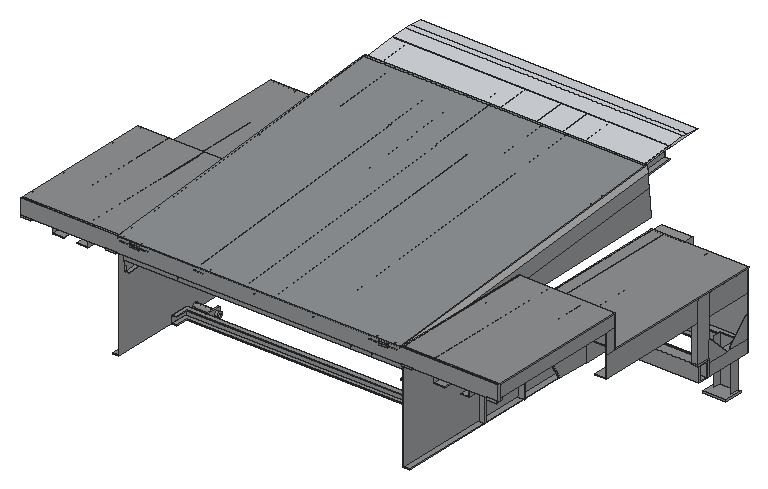
Revit family "ASSA_ABLOY_DockLeveler_DL6120STA", category Mechanical Equipment, Revit 2019 (continued)
Dimensions and locks
  plane 82 "FrontLevelerHeight" to plane 85 = 6 mm
  plane 82 "FrontLevelerHeight" to plane 86 = 6 mm
  plane 82 "FrontLevelerHeight" to Sweep 15 sketch curve = 6 mm  (x2)
  plane 82 "FrontLevelerHeight" to Sweep 12 sketch curve = 6 mm  (x2)
  plane 82 "FrontLevelerHeight" to plane 87 = 176 mm
  locked: plane 88 "1300" to plane 1 "Front" at 1300
  plane 82 "FrontLevelerHeight" to Sweep 7 = 6 mm
  plane 82 "FrontLevelerHeight" to Sweep 51 sketch curve = 6 mm  (x2)
  plane 1 "Front" to plane 94 = 6 mm
  Sweep 52 sketch curve to Sweep 52 sketch curve = 170 mm  (x2)
  Sweep 52 sketch curve to Sweep 52 sketch curve = 90 mm  (x2)
  Sweep 52 sketch curve to Sweep 52 sketch curve = 3 mm  (x4)
  plane 1 "Front" to Sweep 52 sketch curve = 489 mm
  plane 82 "FrontLevelerHeight" to Sweep 52 sketch curve = 6 mm
  "BSix": plane 98 to plane 99
  "BSix": plane 100 to plane 101
  Sweep 53 sketch curve to plane 1 "Front" = 6 mm
  plane 82 "FrontLevelerHeight" to Sweep 53 sketch curve = 6 mm
  Sweep 54 sketch curve to Sweep 54 sketch curve = 170 mm  (x2)
  Sweep 54 sketch curve to Sweep 54 sketch curve = 90 mm  (x2)
  Sweep 54 sketch curve to Sweep 54 sketch curve = 3 mm  (x4)
  plane 1 "Front" to Sweep 54 sketch curve = 6 mm
  plane 82 "FrontLevelerHeight" to Sweep 54 sketch curve = 6 mm
  Sweep 55 sketch curve to Sweep 55 sketch curve = 1 mm  (x2)
  Sweep 55 sketch curve to Sweep 55 sketch curve = 50 mm  (x2)
  Sweep 56 sketch curve to Sweep 56 sketch curve = 4 mm  (x4)
  Sweep 56 sketch curve to Sweep 56 sketch curve = 50 mm  (x3)
  Sweep 56 sketch curve to plane 1 "Front" = 489 mm
  plane 82 "FrontLevelerHeight" to Sweep 56 sketch curve = 6 mm  (x2)
  "BFive": plane 5 to plane 105
  "BSix": plane 105 to plane 106
  Sweep 57 sketch curve to Sweep 57 sketch curve = 6 mm
  plane 21 "DoorHeight" to Sweep 57 sketch curve = 6 mm
  plane 88 "1300" to Sweep 57 sketch curve = 56 mm
  Sweep 57 sketch curve to Sweep 57 sketch curve = 50 mm
  Sweep 57 sketch curve to plane 21 "DoorHeight" = 6 mm
  plane 88 "1300" to Sweep 57 sketch curve = 256 mm
  plane 21 "DoorHeight" to Sweep 57 sketch curve = 176 mm
  Sweep 57 sketch curve to Sweep 57 sketch curve = 420 mm
  Sweep 58 sketch curve to Sweep 58 sketch curve = 6 mm
  Sweep 58 sketch curve to Sweep 58 sketch curve = 50 mm
  Sweep 58 sketch curve to Sweep 58 sketch curve = 420 mm
  "BFive": plane 5 to plane 107
  plane 88 "1300" to Sweep 58 sketch curve = 256 mm
  Sweep 58 sketch curve to Sweep 58 sketch curve = 170 mm
  Sweep 58 sketch curve to plane 21 "DoorHeight" = 6 mm
  "BSix": plane 108 to plane 109
  Sweep 59 sketch curve to Sweep 59 sketch curve = 6 mm
  Sweep 59 sketch curve to Sweep 59 sketch curve = 50 mm
  Sweep 59 sketch curve to Sweep 59 sketch curve = 420 mm
  Sweep 60 sketch curve to Sweep 60 sketch curve = 6 mm
  Sweep 60 sketch curve to Sweep 60 sketch curve = 50 mm
  Sweep 60 sketch curve to Sweep 60 sketch curve = 420 mm
  Sweep 60 sketch curve to Sweep 60 sketch curve = 170 mm
  "BFive": plane 4 to plane 110
  plane 21 "DoorHeight" to Sweep 60 sketch curve = 6 mm  (x2)
  plane 88 "1300" to Sweep 60 sketch curve = 256 mm
  "BFive": plane 108 to plane 4
  plane 21 "DoorHeight" to Sweep 59 sketch curve = 6 mm
  plane 88 "1300" to Sweep 59 sketch curve = 256 mm
  Sweep 59 sketch curve to Sweep 59 sketch curve = 170 mm
  Sweep 59 sketch curve to plane 21 "DoorHeight" = 6 mm
  plane 88 "1300" to Sweep 57 sketch curve = 6 mm
  plane 88 "1300" to Sweep 58 sketch curve = 6 mm
  plane 88 "1300" to Sweep 60 sketch curve = 6 mm
  plane 88 "1300" to Sweep 59 sketch curve = 6 mm
  Sweep 61 sketch curve to Sweep 61 sketch curve = 6 mm
  Sweep 61 sketch curve to Sweep 61 sketch curve = 244 mm  (x2)
  Sweep 61 sketch curve to plane 6 "Right" = 10 mm
  Sweep 61 sketch curve to plane 7 "Left" = 10 mm
  plane 88 "1300" to plane 111 = 6 mm
  plane 88 "1300" to plane 112 = 6 mm
  plane 91 to plane 6 "Right" = 10 mm
  plane 89 to plane 7 "Left" = 10 mm
  plane 113 to plane 4 = 6 mm
  Sweep 62 sketch curve to Sweep 62 sketch curve to plane 5 = 1 mm, 9 mm
  Sweep 62 sketch curve to Sweep 62 sketch curve = 50 mm
  Sweep 63 sketch curve to Sweep 63 sketch curve = 1 mm
  Sweep 63 sketch curve to Sweep 63 sketch curve = 50 mm
  plane 4 to Sweep 63 sketch curve = 9 mm
  Sweep 64 sketch curve to Sweep 64 sketch curve = 170 mm  (x2)
  Sweep 64 sketch curve to Sweep 64 sketch curve = 90 mm  (x2)
  Sweep 64 sketch curve to Sweep 64 sketch curve = 3 mm  (x4)
  Sweep 64 sketch curve to Sweep 64 sketch curve = 897 mm
  plane 1 "Front" to plane 114 = 489 mm
  plane 82 "FrontLevelerHeight" to Sweep 64 sketch curve = 6 mm  (x2)
  plane 6 "Right" to Sweep 65 sketch curve = 10 mm
  Sweep 65 sketch curve to Sweep 65 sketch curve = 6 mm
  plane 82 "FrontLevelerHeight" to Sweep 65 sketch curve = 6 mm
  Sweep 65 sketch curve to Sweep 65 sketch curve = 156 mm
  plane 88 "1300" to Sweep 65 sketch curve to Sweep 65 sketch curve = 6 mm, 80 mm
  Sweep 66 sketch curve to Sweep 66 sketch curve = 6 mm
  Sweep 66 sketch curve to Sweep 66 sketch curve = 156 mm
  Sweep 66 sketch curve to Sweep 66 sketch curve = 80 mm
  Sweep 66 sketch curve to plane 7 "Left" = 10 mm
  plane 88 "1300" to Sweep 66 sketch curve = 6 mm
  plane 82 "FrontLevelerHeight" to Sweep 66 sketch curve = 6 mm
  plane 88 "1300" to Sweep 66 sketch curve = 86 mm
  Sweep 67 sketch curve to plane 8 "Back" = 20 mm
  Sweep 67 sketch curve to Sweep 67 sketch curve = 6 mm
  plane 5 to plane 116 = 10 mm
  plane 115 to plane 7 "Left" = 16 mm
  plane 23 to Sweep 67 sketch curve = 20 mm  (x4)
  Sweep 67 sketch curve to plane 115 = 20 mm
  Sweep 67 sketch curve to plane 116 = 20 mm
  Sweep 67 sketch curve to plane 117 = 20 mm
  Sweep 67 sketch curve to plane 118 = 20 mm
  plane 118 to plane 4 = 10 mm
  plane 6 "Right" to plane 117 = 16 mm
  plane 21 "DoorHeight" to Sweep 67 sketch curve = 6 mm
  Sweep 68 sketch curve to plane 6 "Right" = 20 mm
  Sweep 68 sketch curve to plane 8 "Back" = 10 mm
  plane 88 "1300" to Sweep 68 sketch curve = 6 mm
  Sweep 68 sketch curve to plane 7 "Left" = 10 mm
  Sweep 68 sketch curve to Sweep 68 sketch curve = 6 mm  (x2)
  plane 6 "Right" to Sweep 68 sketch curve = 10 mm
  plane 23 to Sweep 68 sketch curve = 94 mm  (x2)
  plane 60 to plane 58 = 386 mm
  plane 62 to plane 61 = 386 mm
  locked: plane 119 to plane 8 "Back" at 20
  Sweep 64 sketch curve to plane 7 "Left" = 10 mm
  plane 6 "Right" to Sweep 64 sketch curve = 10 mm
  plane 5 to plane 90 = 10 mm
  plane 4 to plane 92 = 10 mm
  plane 4 to Sweep 55 sketch curve = 9 mm
  Sweep 55 sketch curve to plane 5 = 9 mm
  Sweep 3 sketch curve to plane 4 = 10 mm
  plane 5 to Sweep 56 sketch curve = 10 mm
  Sweep 56 sketch curve to plane 4 = 10 mm
  diameter of Sweep 23 sketch curve = 34.5 mm
  diameter of Sweep 23 sketch curve = 44.5 mm
  diameter of Sweep 22 sketch curve = 34.5 mm
  diameter of Sweep 22 sketch curve = 44.5 mm
  radius of Sweep 29 sketch curve = 21 mm  (x2)
  diameter of Sweep 30 sketch curve = 42 mm  (x2)
  diameter of Sweep 31 sketch curve = 42 mm  (x2)
  radius of Sweep 32 sketch curve = 13 mm
  radius of Sweep 32 sketch curve = 21 mm
  radius of Sweep 33 sketch curve = 13 mm
  radius of Sweep 33 sketch curve = 21 mm
  radius of Sweep 34 sketch curve = 13 mm
  radius of Sweep 34 sketch curve = 21 mm
  radius of Sweep 35 sketch curve = 13 mm
  radius of Sweep 35 sketch curve = 21 mm
  radius of Extrusion 45 sketch curve = 31 mm  (x2)
  radius of Extrusion 46 sketch curve = 31 mm  (x2)
  "InstallationAngleLeft": angle plane 7 "Left" to curve 1
  aligned and locked: level to plane 2 "Ground"
  aligned and locked: plane 9 to curve 1
  aligned and locked: plane 7 "Left" to curve 1
  aligned and locked: Sweep 2 sketch curve to plane 11
  aligned and locked: plane 10 to Sweep 2 sketch curve
  aligned and locked: plane 12 to Sweep 2 sketch curve
  aligned and locked: Sweep 2 sketch curve to plane 13
  aligned and locked: plane 14 to Sweep 4 sketch curve
  aligned and locked: Sweep 4 sketch curve to plane 15  (x2)
  aligned and locked: plane 15 to Sweep 4 sketch curve  (x2)
  aligned and locked: Sweep 4 sketch curve to plane 16  (x2)
  aligned and locked: plane 19 to Sweep 4 sketch curve
  aligned and locked: plane 20 to Sweep 4 sketch curve
  aligned and locked: plane 18 to Sweep 4 sketch curve
  aligned and locked: plane 17 to Sweep 4 sketch curve
  aligned and locked: plane 22 "LevelerHeight" to Sweep 3 sketch curve
  aligned and locked: Sweep 3 sketch curve to plane 22 "LevelerHeight"
  aligned and locked: plane 23 to Sweep 2 sketch curve  (x2)
  aligned and locked: Sweep 2 sketch curve to plane 21 "DoorHeight"  (x2)
  aligned and locked: Extrusion 1 to plane 21 "DoorHeight"
  aligned and locked: Extrusion 1 to plane 23
  aligned and locked: Sweep 5 sketch curve to plane 22 "LevelerHeight"
  aligned and locked: plane 22 "LevelerHeight" to Sweep 5 sketch curve
  aligned and locked: Sweep 6 sketch curve to Sweep 4  (x13)
  aligned and locked: Sweep 6 sketch curve to Sweep 3  (x2)
  aligned and locked: plane 22 "LevelerHeight" to Sweep 7 sketch curve
  aligned and locked: Sweep 7 sketch curve to Sweep 2  (x2)
  aligned and locked: Sweep 2 to Sweep 7 sketch curve  (x2)
  aligned and locked: Sweep 8 sketch curve to plane 22 "LevelerHeight"  (x3)
  aligned and locked: plane 22 "LevelerHeight" to Sweep 8 sketch curve  (x2)
  aligned and locked: Sweep 9 sketch curve to plane 22 "LevelerHeight"
  aligned and locked: plane 22 "LevelerHeight" to Sweep 10 sketch curve
  aligned and locked: Sweep 10 sketch curve to Sweep 8
  aligned and locked: Extrusion 1 sketch curve to plane 6 "Right"
  aligned and locked: curve 1 to Extrusion 1 sketch curve
  aligned and locked: Sweep 12 sketch curve to plane 23
  aligned and locked: plane 22 "LevelerHeight" to Sweep 14 sketch curve
  aligned and locked: Sweep 14 sketch curve to plane 22 "LevelerHeight"
  aligned and locked: Sweep 15 sketch curve to plane 23
  aligned and locked: Sweep 16 sketch curve to plane 23  (x2)
  aligned and locked: plane 23 to Sweep 16 sketch curve
  aligned and locked: plane 25 to Sweep 17 sketch curve
  aligned and locked: Sweep 17 sketch curve to plane 26  (x2)
  aligned and locked: plane 2 "Ground" to Sweep 18 sketch curve
  aligned and locked: plane 23 to Sweep 3 sketch curve
  aligned and locked: Sweep 3 sketch curve to plane 23
  aligned and locked: Sweep 19 sketch curve to plane 22 "LevelerHeight"
  aligned and locked: Sweep 19 to Sweep 20 sketch curve
  aligned and locked: Sweep 20 sketch curve to plane 22 "LevelerHeight"
  aligned and locked: cut or joined group of Sweep 19, Sweep 20 to Sweep 21 sketch curve
  aligned and locked: Sweep 21 sketch curve to plane 22 "LevelerHeight"
  aligned and locked: plane 22 "LevelerHeight" to Sweep 21 sketch curve
  aligned and locked: Sweep 2 sketch curve to plane 34
  aligned and locked: plane 35 to Sweep 3 sketch curve
  aligned and locked: plane 36 to Sweep 16 sketch curve
  aligned and locked: Sweep 7 sketch curve to plane 1 "Front"  (x3)
  aligned and locked: plane 21 "DoorHeight" to Sweep 26 sketch curve
  aligned and locked: Sweep 26 sketch curve to plane 21 "DoorHeight"
  aligned and locked: Sweep 27 sketch curve to plane 8 "Back"
  aligned and locked: plane 21 "DoorHeight" to Sweep 27 sketch curve
  aligned and locked: Sweep 28 sketch curve to plane 8 "Back"  (x2)
  aligned and locked: Sweep 28 sketch curve to plane 40
  aligned and locked: plane 41 to Sweep 28 sketch curve
  aligned and locked: plane 42 to Sweep 28 sketch curve
  aligned and locked: Sweep 28 sketch curve to plane 43
  aligned and locked: plane 8 "Back" to Sweep 28 sketch curve  (x2)
  aligned and locked: Sweep 28 sketch curve to Sweep 28 sketch curve
  aligned and locked: plane 45 to Sweep 28 sketch curve
  aligned and locked: Sweep 28 sketch curve to plane 44
  aligned and locked: plane 52 to Sweep 33 sketch curve
  aligned and locked: plane 50 to Sweep 32 sketch curve
  aligned and locked: Sweep 36 sketch curve to Sweep 27
  aligned and locked: Sweep 27 to Sweep 37 sketch curve
  aligned and locked: Sweep 40 sketch curve to Sweep 7  (x2)
  aligned and locked: Sweep 40 sketch curve to Sweep 16
  aligned and locked: Sweep 16 to Sweep 40 sketch curve
  aligned and locked: Sweep 41 to Sweep 42 sketch curve  (x3)
  aligned and locked: Sweep 5 to Sweep 41 sketch curve
  aligned and locked: Sweep 42 sketch curve to Sweep 41  (x2)
  aligned and locked: plane 1 "Front" to SweptBlend 43 sketch curve
  aligned and locked: plane 1 "Front" to SweptBlend 44 sketch curve
  aligned and locked: plane 72 to Sweep 17 sketch curve
  aligned and locked: Sweep 17 sketch curve to plane 73
  aligned and locked: plane 74 to Sweep 16 sketch curve
  aligned and locked: Sweep 47 sketch curve to plane 23
  aligned and locked: plane 78 to Sweep 47 sketch curve
  aligned and locked: Sweep 47 sketch curve to plane 79
  aligned and locked: plane 23 to Sweep 48 sketch curve
  aligned and locked: plane 2 "Ground" to Sweep 49 sketch curve
  aligned and locked: plane 23 to Sweep 50 sketch curve
  aligned and locked: SweptBlend 44 sketch curve to plane 82 "FrontLevelerHeight"
  aligned and locked: plane 82 "FrontLevelerHeight" to SweptBlend 43 sketch curve
  aligned and locked: Sweep 7 sketch curve to plane 83
  aligned and locked: Sweep 40 sketch curve to plane 84
  aligned and locked: Sweep 11 sketch curve to plane 85
  aligned and locked: Sweep 4 sketch curve to plane 86
  aligned and locked: Sweep 13 sketch curve to plane 87
  aligned and locked: plane 87 to Sweep 13 sketch curve
  aligned and locked: Sweep 51 sketch curve to plane 90
  aligned and locked: plane 89 to Sweep 51 sketch curve
  aligned and locked: plane 91 to Sweep 51 sketch curve
  aligned and locked: Sweep 51 sketch curve to plane 92
  aligned and locked: plane 88 "1300" to Sweep 51 sketch curve
  aligned and locked: plane 1 "Front" to Sweep 51 sketch curve
  aligned and locked: Sweep 51 sketch curve to plane 82 "FrontLevelerHeight"
  aligned and locked: plane 88 "1300" to Sweep 2 sketch curve
  aligned and locked: Sweep 7 sketch curve to plane 94  (x2)
  aligned and locked: plane 88 "1300" to Sweep 52 sketch curve
  aligned and locked: Sweep 53 sketch curve to plane 99
  aligned and locked: Sweep 53 sketch curve to plane 100
  aligned and locked: plane 88 "1300" to Sweep 53 sketch curve
  aligned and locked: plane 104 to Sweep 54 sketch curve
  aligned and locked: plane 88 "1300" to Sweep 54 sketch curve
  aligned and locked: plane 88 "1300" to Sweep 55 sketch curve
  aligned and locked: plane 1 "Front" to Sweep 55 sketch curve
  aligned and locked: Sweep 55 sketch curve to plane 82 "FrontLevelerHeight"
  aligned and locked: plane 82 "FrontLevelerHeight" to Sweep 55 sketch curve
  aligned and locked: plane 88 "1300" to Sweep 56 sketch curve
  aligned and locked: plane 88 "1300" to Sweep 3 sketch curve
  aligned and locked: Sweep 4 to Sweep 6 sketch curve
  aligned and locked: plane 106 to Sweep 57 sketch curve
  aligned and locked: plane 107 to Sweep 58 sketch curve
  aligned and locked: Sweep 59 sketch curve to plane 109
  aligned and locked: Sweep 60 sketch curve to plane 110
  aligned and locked: plane 88 "1300" to Sweep 61 sketch curve
  aligned and locked: plane 23 to Sweep 61 sketch curve
  aligned and locked: Sweep 61 sketch curve to plane 23
  aligned and locked: Sweep 47 sketch curve to plane 111
  aligned and locked: Sweep 16 sketch curve to plane 112
  aligned and locked: Sweep 61 sketch curve to Sweep 3
  aligned and locked: Sweep 3 to Sweep 61 sketch curve
  aligned and locked: Sweep 62 sketch curve to Sweep 26  (x2)
  aligned and locked: Sweep 55 to Sweep 62 sketch curve
  aligned and locked: Sweep 55 to Sweep 63 sketch curve
  aligned and locked: Sweep 63 sketch curve to Sweep 26  (x2)
  aligned and locked: Sweep 67 sketch curve to plane 23
  aligned and locked: plane 23 to Sweep 68 sketch curve
  aligned and locked: Sweep 68 sketch curve to plane 23
  aligned and locked: plane 119 to Sweep 47 sketch curve
  aligned and locked: plane 119 to Sweep 26 sketch curve
  aligned and locked: plane 9 to Extrusion 1 sketch curve
  aligned and locked: plane 22 "LevelerHeight" to Sweep 56 sketch curve
  aligned and locked: Sweep 56 sketch curve to plane 22 "LevelerHeight"
  aligned and locked: plane 3 "Center (Left/Right)" to nested 1
  aligned and locked: curve 1 to Sweep 48 sketch curve
Automatic sketch dimensions
  Sweep 7 sketch curve to plane 3 "Center (Left/Right)" = 0 mm
  Sweep 2 sketch curve to plane 5 = 0 mm
  Sweep 3 sketch curve to plane 3 "Center (Left/Right)" = 0 mm
  Sweep 3 sketch curve to Sweep 3 sketch curve = 46 mm
  Sweep 4 sketch curve to plane 3 "Center (Left/Right)" = 0 mm
  Sweep 4 sketch curve to plane 16 = 0 mm  (x2)
  Sweep 5 sketch curve to profile plane = 5 mm
  Sweep 5 sketch curve to Sweep 5 sketch curve = 5 mm  (x3)
  Sweep 6 sketch curve to plane 71 = 283 mm
  Sweep 8 sketch curve to Sweep 8 sketch curve = 6 mm  (x8)
  profile plane to Sweep 8 sketch curve = 6 mm  (x4)
  profile plane to Sweep 9 sketch curve = 0 mm
  plane 1 "Front" to Sweep 9 sketch curve = 12 mm
  Sweep 10 sketch curve to Sweep 10 sketch curve = 44 mm
  profile plane to Sweep 11 sketch curve = 0 mm  (x2)
  Sweep 11 sketch curve to Sweep 11 sketch curve = 6 mm
  plane 82 "FrontLevelerHeight" to Sweep 13 sketch curve = 74 mm
  Sweep 14 sketch curve to plane 5 = 0 mm
  Sweep 14 sketch curve to Sweep 14 sketch curve = 120 mm  (x2)
  Sweep 17 sketch curve to plane 3 "Center (Left/Right)" = 0 mm
  plane 7 "Left" to Sweep 18 sketch curve = 200 mm
  plane 1 "Front" to Sweep 18 sketch curve = 65 mm  (x2)
  Sweep 20 sketch curve to plane 4 = 115 mm
  Sweep 20 sketch curve to plane 22 "LevelerHeight" = 0 mm
  plane 5 to Sweep 21 sketch curve = 60 mm
  Sweep 22 sketch curve to Sweep 22 sketch curve = 0 mm  (x2)
  Sweep 22 sketch curve to profile plane = 0 mm
  Sweep 22 sketch curve to plane 31 = 0 mm
  Sweep 23 sketch curve to Sweep 23 sketch curve = 0 mm  (x2)
  Sweep 23 sketch curve to profile plane = 0 mm
  Sweep 23 sketch curve to plane 33 = 0 mm
  Sweep 24 sketch curve to plane 71 = 47.5 mm
  plane 71 to Sweep 25 sketch curve = 47.5 mm
  Sweep 29 sketch curve to plane 46 = 0 mm
  Sweep 29 sketch curve to plane 47 = 0 mm
  Sweep 30 sketch curve to profile plane = 0 mm
  Sweep 30 sketch curve to plane 48 = 0 mm
  Sweep 31 sketch curve to profile plane = 0 mm
  Sweep 31 sketch curve to plane 49 = 0 mm
  Sweep 32 sketch curve to Sweep 32 sketch curve = 0 mm  (x2)
  Sweep 32 sketch curve to profile plane = 0 mm
  Sweep 32 sketch curve to plane 51 = 0 mm
  Sweep 33 sketch curve to Sweep 33 sketch curve = 0 mm  (x2)
  Sweep 33 sketch curve to profile plane = 0 mm
  Sweep 33 sketch curve to plane 53 = 0 mm
  Sweep 34 sketch curve to Sweep 34 sketch curve = 0 mm  (x2)
  Sweep 34 sketch curve to profile plane = 0 mm
  Sweep 34 sketch curve to plane 55 = 0 mm
  Sweep 35 sketch curve to Sweep 35 sketch curve = 0 mm  (x2)
  Sweep 35 sketch curve to profile plane = 0 mm
  Sweep 35 sketch curve to plane 57 = 0 mm
  Sweep 38 sketch curve to plane 71 = 572.355 mm
  plane 71 to Sweep 39 sketch curve = 572.355 mm
  plane 7 "Left" to Sweep 40 sketch curve = 210 mm
  Sweep 42 sketch curve to plane 71 = 309 mm
  profile plane to Sweep 42 sketch curve = 30 mm  (x2)
  Sweep 42 sketch curve to profile plane = 10 mm  (x2)
  Sweep 49 sketch curve to plane 6 "Right" = 40 mm
  Sweep 50 sketch curve to plane 6 "Right" = 75 mm
  Sweep 51 sketch curve to plane 5 = 0 mm
  Sweep 51 sketch curve to Sweep 51 sketch curve = 6 mm
  Sweep 52 sketch curve to profile plane = 0 mm  (x2)
  Sweep 52 sketch curve to plane 3 "Center (Left/Right)" = 1640 mm
  plane 3 "Center (Left/Right)" to Sweep 52 sketch curve = 1550 mm
  Sweep 54 sketch curve to profile plane = 0 mm  (x2)
  Sweep 54 sketch curve to plane 103 = 440 mm
  plane 64 to Sweep 55 sketch curve = 4.5 mm
  Sweep 56 sketch curve to plane 3 "Center (Left/Right)" = 0 mm
  Sweep 56 sketch curve to Sweep 56 sketch curve = 46 mm
  plane 88 "1300" to Sweep 62 sketch curve = 64.136 mm
  Sweep 63 sketch curve to plane 88 "1300" = 64.136 mm
  Sweep 65 sketch curve to plane 82 "FrontLevelerHeight" = 0 mm
  Sweep 66 sketch curve to plane 82 "FrontLevelerHeight" = 0 mm
  plane 4 to Sweep 67 sketch curve = 372.342 mm
  profile plane to Sweep 26 sketch curve = 0 mm
  Sweep 40 sketch curve to profile plane = 0 mm
  Sweep 40 sketch curve to Sweep 40 sketch curve = 201.593 mm
  SweptBlend 43 sketch curve to profile plane = 10.5 mm
  SweptBlend 43 sketch curve to SweptBlend 43 sketch curve = 240 mm
  Extrusion 45 sketch curve to plane 65 = 0 mm  (x2)
  Extrusion 45 sketch curve to plane 67 = 0 mm
  Extrusion 45 sketch curve to plane 66 = 0 mm
  plane 68 to Extrusion 46 sketch curve = 0 mm
  Extrusion 46 sketch curve to plane 68 = 0 mm
  Extrusion 46 sketch curve to plane 70 = 0 mm
  Extrusion 46 sketch curve to plane 69 = 0 mm
  Sweep 57 sketch curve to Sweep 57 sketch curve = 350 mm
  Sweep 58 sketch curve to Sweep 58 sketch curve = 50 mm
  Sweep 58 sketch curve to Sweep 58 sketch curve = 350 mm
  Sweep 59 sketch curve to Sweep 59 sketch curve = 50 mm
  Sweep 59 sketch curve to Sweep 59 sketch curve = 350 mm
  Sweep 60 sketch curve to Sweep 60 sketch curve = 50 mm
  Sweep 60 sketch curve to Sweep 60 sketch curve = 350 mm
  plane 21 "DoorHeight" to Sweep 61 sketch curve = 8 mm
  Sweep 61 sketch curve to Sweep 61 sketch curve = 244 mm
  Sweep 64 sketch curve to plane 23 = 0 mm
  Sweep 64 sketch curve to plane 114 = 0 mm
  plane 117 to Sweep 67 sketch curve = 0 mm
  Sweep 67 sketch curve to plane 118 = 0 mm
  Sweep 67 sketch curve to plane 116 = 0 mm
  Sweep 67 sketch curve to plane 115 = 0 mm
  Sweep 67 sketch curve to Sweep 67 sketch curve = 38 mm  (x2)
  plane 88 "1300" to Sweep 26 sketch curve = 10 mm
  Sweep 48 sketch curve to plane 6 "Right" = 0 mm
  Sweep 48 sketch curve to plane 9 = 0 mm
  Sweep 17 sketch curve to Sweep 17 sketch curve = 6 mm  (x3)
  Sweep 17 sketch curve to plane 73 = 6 mm
  Sweep 17 sketch curve to plane 26 = 6 mm  (x2)
  profile plane to Sweep 28 sketch curve = 50 mm
  Sweep 30 sketch curve to Sweep 30 sketch curve = 122 mm
  Sweep 31 sketch curve to Sweep 31 sketch curve = 122 mm
  Sweep 38 sketch curve to plane 60 = 3 mm
  plane 58 to Sweep 38 sketch curve = 3 mm
  Sweep 39 sketch curve to plane 61 = 3 mm
  plane 62 to Sweep 39 sketch curve = 3 mm
  Sweep 41 sketch curve to plane 71 = 319 mm
  Sweep 41 sketch curve to profile plane = 0 mm  (x4)
  Sweep 41 sketch curve to Sweep 41 sketch curve = 5.5 mm  (x6)
  Sweep 47 sketch curve to profile plane = 0 mm  (x2)
  plane 78 to Sweep 47 sketch curve = 3 mm
  Sweep 47 sketch curve to Sweep 47 sketch curve = 167 mm
  plane 79 to Sweep 47 sketch curve = 65 mm
  Sweep 47 sketch curve to profile plane = 167 mm
  Sweep 47 sketch curve to Sweep 47 sketch curve = 3 mm  (x2)
  Sweep 47 sketch curve to Sweep 47 sketch curve = 87 mm
  plane 79 to Sweep 47 sketch curve = 3 mm
  Sweep 53 sketch curve to profile plane = 0 mm  (x2)
  plane 99 to Sweep 53 sketch curve = 3 mm
  Sweep 53 sketch curve to Sweep 53 sketch curve = 167 mm
  plane 100 to Sweep 53 sketch curve = 65 mm
  Sweep 53 sketch curve to profile plane = 167 mm
  Sweep 53 sketch curve to Sweep 53 sketch curve = 3 mm  (x2)
  Sweep 53 sketch curve to Sweep 53 sketch curve = 87 mm
  plane 100 to Sweep 53 sketch curve = 3 mm
  Sweep 58 sketch curve to plane 23 = 0 mm
Nested families
  nested 1: "DL6120STA_LevelerTop" at (0, 0, 1092), type <- "LipType", Tappered150OptionSS <- "Tapered150OptionSS", Tappered100OptionS <- "Tapered100OptionS", AboveDeckLevel <- "AboveDeckLevel", BelowDeckLevel <- "BelowDeckLevel", RestingPosition <- "RestingPosition", DockHeight <- "DockHeight", NominalLengthWanted <- "NominalLength", LevelerWidthWanted <- "LevelerWidth", built-in parameter 1001364 <- "LipLocation", type "DL6120STA_LipSteelLL500"
    with VerticalWorkingRange "Above Deck = 0 to 220mm, Below Deck = 0 to -600mm", UPNLengthLocation 1861 mm, UPNHeightLocation 119 mm, ToeGuardLength 1380 mm, ToeGuardHeight 215 mm, ToeGuardBelowLevel no, ToeGuardAboveLevel yes, TearPlateThicknessWanted 8 mm, TearPlateThickness 8 mm, TearPlateLength 2424 mm, Tappered150OptionSS no, Tappered100OptionS no, TaperedCutter 5 mm, StrengthenerLocation 925 mm, StrengthenerLip500Position 1874 mm, StrengthenerLength 400 mm, StrengthenerHeight 178 mm, StandardPlate yes, SideTubePosition 101 mm, SideTubeLength 1061 mm, SideTubeHeight 60 mm, SidePlateLength 2384 mm, SidePlateHeight 278 mm, STwo 296.5 mm, SThree 486.5 mm, SFour 651.5 mm, Rtwo 295 mm, RestingPosition no, ReinforcementThickness 2.449 mm, ReinforcementFour yes, Reinforcement Height 170 mm, RThree 485 mm, RFour 675 mm, R4Lip 581.5 mm, R3Lip 406.5 mm, R2Lip 204 mm, PlatformAngleTemporary 5.13117°, PlatformAngle 5.13117°, Plate50x100 208 mm, Plate10Length 1100 mm, Plate1000Location 2384 mm, OptionForNominalLength "2000,2450,3000", OptionForLevelerWidth "2000,2200", NominalLengthWanted 2450 mm, NominalLength 2450 mm, LipTapperedCutter 288 mm, LipSupportLength 760 mm, LipSupport yes, LipSteel yes, LipSeelLocation 2384 mm, LipRestPosition 2634 mm, LipLength 500 mm, LipLL1000CutterHeight 50 mm, LipHeightLocation 257 mm, LiftCylinderSupportLocation 1125 mm, LiftCylinderSupportHeght 198 mm, LevelerWidthWanted 2200 mm, LevelerWidth 2200 mm, LevelerHeight 850 mm, LevelLiner no, LTwoUPNHeight 225 mm, Iron Iron leveller, IStrengthenerlip500Location 2084 mm, ErgoPlate no, DockHeight 1100 mm, Belvelment 100 mm, BelowDeckLevel no, AngleLipSupport yes, ActualVerticalWorkingRange 220 mm, AboveDeckLevel yes
Definition of nested family "DL6120STA_LevelerTop"
  Parameters (values of type "DL6120STA_LipSteelLL1000")
    VerticalWorkingRange [instance] = "Above Deck = 0 to 220mm, Below Deck = 0 to -600mm"  # constant formula
    UPNLengthLocation [instance] = NominalLength - 589 mm  # 1861 mm
    UPNHeightLocation [instance] = 119 mm
    ToeGuardLength [instance] = if(NominalLength > 3000 mm, 2450 mm, 1380 mm)  # 1380 mm
    ToeGuardHeight [instance] = if(NominalLength > 3000 mm, 353 mm, 215 mm)  # 215 mm
    ToeGuardBelowLevel [instance] = not(ToeGuardAboveLevel)  # no
    ToeGuardAboveLevel [instance] = yes
    TearPlateThicknessWanted [instance] = 8 mm  # constant formula
    TearPlateThickness [instance] = 8 mm  # constant formula
    TearPlateLength [instance] = NominalLength - 26 mm  # 2424 mm
    Tappered150OptionSS [instance] = no
    Tappered100OptionS [instance] = no
    TaperedCutter [instance] = if(RestingPosition, 5 mm, if(Tappered100OptionS, 110 mm, if(Tappered150OptionSS, 160 mm, 5 mm)))  # 5 mm
    StrengthenerLocation [instance] = LiftCylinderSupportLocation - (StrengthenerLength / 2)  # 925 mm
    StrengthenerLip500Position [instance] = if(and(not(RestingPosition), LipErgoSteelLL345), NominalLength - 671 mm, if(and(not(RestingPosition), LipSteelLL500), NominalLength - 576 mm, if(and(not(RestingPosition), LipSteelLL1000), NominalLength - 576 mm, if(and((RestingPosition), LipSteelLL1000), NominalLength - 1594 mm, if(and((RestingPosition), LipErgoSteelLL345), NominalLength - 1034 mm, NominalLength - 1094 mm)))))  # 856 mm
    StrengthenerLength [instance] = if(NominalLength < 4000 mm, 400 mm, 800 mm)  # 400 mm
    StrengthenerHeight [instance] = 170 mm + TearPlateThickness  # 178 mm
    StandardPlate [instance] = or(LipSteelLL1000, LipSteelLL500)  # yes
    SideTubePosition [instance] = 101 mm
    SideTubeLength [instance] = if(LipLength = 1200 mm, 1261 mm, 1061 mm)  # 1061 mm
    SideTubeHeight [instance] = if(StandardPlate, 60 mm, 40 mm)  # 60 mm
    SidePlateLength [instance] = if(StandardPlate, NominalLength - 66 mm, NominalLength - 72 mm)  # 2384 mm
    SidePlateHeight [instance] = 270 mm + TearPlateThickness  # 278 mm
    STwo [instance] = if(LevelerWidth = 1750 mm, 286.5 mm, if(LevelerWidth = 2000 mm, 331.5 mm, if(LevelerWidth = 2200 mm, 296.5 mm, 306.5 mm)))  # 331.5 mm
    SThree [instance] = if(LevelerWidth = 1750 mm, 461.5 mm, if(LevelerWidth = 2000 mm, 551.5 mm, if(LevelerWidth = 2200 mm, 486.5 mm, 501.5 mm)))  # 551.5 mm
    SFour [instance] = if(LevelerWidth > 2200 mm, 696.5 mm, 651.5 mm)  # 651.5 mm
    Rtwo [instance] = if(LevelerWidth = 1750 mm, 285 mm, if(LevelerWidth = 2000 mm, 330 mm, if(LevelerWidth = 2200 mm, 295 mm, 305 mm)))  # 330 mm
    RestingPosition [instance] = yes
    ReinforcementThickness [instance] = 2.449 mm
    ReinforcementFour [instance] = LevelerWidth > 2150 mm  # no
    Reinforcement Height [instance] = 170 mm
    RThree [instance] = if(LevelerWidth = 1750 mm, 460 mm, if(LevelerWidth = 2000 mm, 550 mm, if(LevelerWidth = 2200 mm, 485 mm, 500 mm)))  # 550 mm
    RFour [instance] = if(LevelerWidth = 2200 mm, 675 mm, 695 mm)  # 695 mm
    R4Lip [instance] = if(LevelerWidth = 1750 mm, 557.5 mm, if(LevelerWidth = 2000 mm, 656.5 mm, if(LevelerWidth = 2200 mm, 581.5 mm, 599 mm)))  # 656.5 mm
    R3Lip [instance] = if(LevelerWidth = 1750 mm, 406.5 mm, if(LevelerWidth = 2000 mm, 441.5 mm, if(LevelerWidth = 2200 mm, 406.5 mm, 404 mm)))  # 441.5 mm
    R2Lip [instance] = if(LevelerWidth = 1750 mm, 220 mm, if(LevelerWidth = 2000 mm, 221.5 mm, if(LevelerWidth = 2200 mm, 204 mm, 209 mm)))  # 221.5 mm
    PlatformAngleTemporary [instance] = atan(ActualVerticalWorkingRange / NominalLength)  # 0.00°
    PlatformAngle [instance] = if(PlatformAngleTemporary < 0.00°, PlatformAngleTemporary + 360.00°, PlatformAngleTemporary)  # 0.00°
    Plate50x100 [instance] = 200 mm + TearPlateThickness  # 208 mm
    Plate10Length [instance] = if(NominalLength = 2300 mm, 1130 mm, if(NominalLength < 2300 mm, 1100 mm, 1100 mm))  # 1100 mm
    Plate1000Location [instance] = if(and(not(RestingPosition), LipSteelLL1000), NominalLength + 684 mm, if(and(RestingPosition, LipSteelLL1000), NominalLength - 66 mm, NominalLength - 66 mm))  # 2384 mm
    OptionForLevelerWidth [instance] = "2000,2200"  # constant formula
    OptionForNominalLength [instance] = "2000,2450,3000"  # constant formula
    LevelerWidthWanted [instance] = 2000 mm
    LevelerWidth [instance] = if(LevelerWidthWanted < 2100 mm, 2000 mm, 2200 mm)  # 2000 mm
    NominalLengthWanted [instance] = 2450 mm
    NominalLength [instance] = if(NominalLengthWanted < 2225 mm, 2000 mm, if(NominalLengthWanted < 2725 mm, 2450 mm, 3000 mm))  # 2450 mm
    LipTapperedCutter [instance] = if(LipSteelLL1000, 788 mm, if(LipErgoSteelLL345, 139 mm, 288 mm))  # 788 mm
    LipSupportLength [instance] = if(LipSteelLL500, 760 mm, if(LipSteelLL1000, 1260 mm, 700 mm))  # 1260 mm
    LipSupport [instance] = yes
    LipSteelLL500 = no
    LipSteelLL1000 = yes
    LipSteel [instance] = yes
    LipSeelLocation [instance] = if(and(RestingPosition, LipSteelLL500), NominalLength - 584 mm, if(and(RestingPosition, LipErgoSteelLL345), NominalLength - 584 mm, if(and(RestingPosition, LipSteelLL1000), NominalLength - 856 mm, if(LipSteelLL500, NominalLength - 66 mm, if(LipErgoSteelLL345, NominalLength - 221 mm, if(LipSteelLL1000, NominalLength - 106 mm, NominalLength - 584 mm))))))  # 1594 mm
    LipLength [instance] = if(LipSteelLL500, 500 mm, if(LipSteelLL1000, 1000 mm, 345 mm))  # 1000 mm
    LipLL1000CutterHeight [instance] = if(and(LipSteelLL1000, LevelerWidth > 2100 mm), 130 mm, 50 mm)  # 50 mm
    LipHeightLocation [instance] = if(and(not(RestingPosition), (LipErgoSteelLL345)), (257 mm + TearPlateThickness), if(and(RestingPosition, LipErgoSteelLL345), (249 mm + TearPlateThickness), if(RestingPosition, (249 mm + TearPlateThickness), (249 mm + TearPlateThickness))))  # 257 mm
    LipErgoSteelLL345 = no
    LiftCylinderSupportLocation [instance] = if(and(NominalLength = 2000 mm, LevelerHeight = 600 mm), 980 mm, if(and(NominalLength = 2000 mm, LevelerHeight = 700 mm), 955 mm, if(and(NominalLength = 2450 mm, LevelerHeight = 600 mm), 1125 mm, if(and(NominalLength = 2450 mm, LevelerHeight = 700 mm), 1200 mm, if(and(NominalLength = 3000 mm, LevelerHeight = 600 mm), 1380 mm, if(and(NominalLength = 3000 mm, LevelerHeight = 800 mm), 1730 mm, if(NominalLength = 3500 mm, 1730 mm, if(NominalLength = 4000 mm, 2550 mm, if(NominalLength = 4500 mm, 2610 mm, 1125 mm)))))))))  # 1125 mm
    LiftCylinderSupportHeght [instance] = 190 mm + TearPlateThickness  # 198 mm
    LevelerHeightWanted = 850 mm
    LevelerHeight [instance] = 850 mm  # constant formula
    LevelLiner [instance] = and(LipErgoSteelLL345, not(RestingPosition))  # no
    LTwoUPNHeight [instance] = 225 mm
    Iron [instance] = none
    IStrengthenerlip500Location [instance] = if(and(not(RestingPosition), (LipSteelLL500)), (NominalLength - 366 mm), if(and(not(RestingPosition), (LipSteelLL1000)), (NominalLength + 134 mm), (NominalLength - 884 mm)))  # 1566 mm
    ErgoPlate [instance] = LipErgoSteelLL345  # no
    DockHeight [instance] = 1100 mm
    Belvelment [instance] = 100 mm  # constant formula
    BelowDeckLevel [instance] = no
    AngleLipSupport [instance] = yes
    ActualVerticalWorkingRange [instance] = if(RestingPosition, 0 mm, if(LevelerHeight = 850 mm, if(and(not(RestingPosition), LipLength = 500 mm, BelowDeckLevel), -620 mm, if(and(not(RestingPosition), LipLength = 500 mm, AboveDeckLevel), 220 mm, if(and(not(RestingPosition), LipLength = 1000 mm, BelowDeckLevel), -481 mm, if(and(not(RestingPosition), LipLength = 1000 mm, AboveDeckLevel), 237 mm, if(and(not(RestingPosition), LipLength = 345 mm, BelowDeckLevel), -600 mm, if(and(not(RestingPosition), LipLength = 345 mm, AboveDeckLevel), 210 mm, 210 mm)))))), 0 mm))  # 0 mm
    LipRestPosition [instance] = if(and(not(RestingPosition), LipSteelLL500), (NominalLength + 184 mm), if(and(not(RestingPosition), LipSteelLL1000), (NominalLength + 684 mm), if(and(not(RestingPosition), LipErgoSteelLL345), (NominalLength + 29 mm), NominalLength - 334 mm)))  # 2116 mm
    AboveDeckLevel [instance] = no
  Types (3, lengths in mm): name | StrengthenerLip500Position | StandardPlate | SideTubeHeight | SidePlateLength | LipTapperedCutter | LipSupportLength | LipSteelLL500 | LipSteelLL1000 | LipSeelLocation | LipLength | LipErgoSteelLL345 | LTwoUPNHeight | ErgoPlate
    DL6120STA_LipSteelLL500 | 1356 | yes | 60 | 2384 | 288 | 760 | yes | no | 1866 | 500 | no | 225 | no
    DL6120STA_LipSteelLL1000 | 856 | yes | 60 | 2384 | 788 | 1260 | no | yes | 1594 | 1000 | no | 225 | no
    DL6120STA_LipErgoSteelLL345 | 1416 | no | 40 | 2378 | 139 | 700 | no | no | 1866 | 345 | yes | 216 | yes
  Reference planes
    plane 1 "Center (Front/Back)": y = 0
    plane 2 "Ground": z = 0
    plane 3 "Center (Left/Right)": x = 0
    plane 4 "R": x = 1000
    plane 5 "L": x = -1000
    plane 6 "Back": y = -2450
    plane 7: y = -2416
    plane 8 "top": z = 8
    plane 9: x = 995
    plane 10: x = 960
    plane 11: x = -995
    plane 12: x = -960
    plane 13: x = 985
    plane 14: x = -985
    plane 15: x = 925
    plane 16: x = 930
    plane 17: x = 980
    plane 18: x = -925
    plane 19: x = -980
    plane 20: x = -930
    plane 21: x = -855.895
    plane 22: x = 996
    plane 23: x = -996
    plane 24: x = 751
    plane 25: x = -751
    plane 26: x = 839.5
    plane 27: x = 907.5
    plane 28 "UPNR": x = 978.5
    plane 29 "UPNL": x = -978.5
    plane 30 "R1": x = 110
    plane 31 "R2": x = 330
    plane 32 "R3": x = 550
    plane 33 "Rext": x = 738.5
    plane 34 "R6": x = -110
    plane 35 "R7": x = -330
    plane 36 "R8": x = -550
    plane 37 "R9": x = -738.5
    plane 38: x = 695
    plane 39: x = -695
    plane 40: x = 765
    plane 41: x = -765
    plane 42: x = 130
    plane 43: x = 787.5
    plane 44: x = -130
    plane 45: x = -787.5
    plane 46: x = 1001
    plane 47: x = -1001
    plane 48: x = -1002
    plane 49: x = 1002
    plane 50 "TearPlateLip500R": x = 982.5
    plane 51 "TearPlateLip500L": x = -982.5
    plane 52: x = 922.5
    plane 53: x = -922.5
    plane 54: x = 100
    plane 55: x = -100
    plane 56 "R2LIPR": x = 221.5
    plane 57 "R2LIPL": x = -221.5
    plane 58 "R3LIPR": x = 441.5
    plane 59 "R3LIPL": x = -441.5
    plane 60 "R4LIPR": x = 656.5
    plane 61 "R4LIPL": x = -656.5
    plane 62: y = 12
    plane 63: z = 668
    plane 64: z = -452
    plane 65: z = 668
    plane 66: z = -452
    plane 67: x = 872.5
    plane 68: x = 937.5
    plane 69: x = -937.5
    plane 70: x = -872.5
    plane 71: z = 668
    plane 72: z = -452
    plane 73: z = 668
    plane 74: z = -452
    plane 75: x = -1032.5
    plane 76: x = -964.059
    plane 77: x = -907.5
    plane 78: x = -992.5
    plane 79: x = -882.5
    plane 80: x = 882.5
    plane 81: x = -1006
    plane 82: x = 1006
    plane 83: x = -111.5
    plane 84: x = 111.5
    plane 85: x = 331.5
    plane 86: x = -331.5
    plane 87: x = 551.5
    plane 88: x = -551.5
    plane 89: x = 761.5
    plane 90: x = -761.5
    plane 91: x = -1006
    plane 92: x = 651.5
    plane 93: x = -651.5
    plane 94: z = -1092
  Forms (mm)
    Extrusion 1, solid, material <- "Iron", visible <- "StandardPlate"
      sketch origin (0, -2450, 8) x (0, 1, 0) y (0, 0, 1)
        loop
          line (0, 0) -> (0, -8) -> (2424, -8) -> (2424, -5) -> (2403.626, 0) -> (0, 0)
      from -1000 to 1000
    Extrusion 2, solid, material <- "Iron", visible <- "ErgoPlate"
      sketch origin (0, -2450, 8) x (0, 1, 0) y (0, 0, 1)
        loop
          line (0, -8) -> (2418, -8) -> (2424, -2) -> (2424, 0) -> (0, 0) -> (0, -8)
      from -1000 to 1000
    Extrusion 3, solid, material <- "Iron"
      sketch origin (0, -2450, 8) x (0, 1, 0) y (0, 0, 1)
        loop
          line (2424, -278) -> (2424, -8) -> (40, -8) -> (40, -278) -> (2424, -278)
      from 995 to 1000
    Extrusion 4, solid, material <- "Iron"
      sketch origin (0, -2450, 8) x (0, 1, 0) y (0, 0, 1)
        loop
          line (40, -278) -> (2418, -278) -> (2418, -273) -> (40, -273) -> (40, -278)
      from 960 to 1000
    Extrusion 5, solid, material <- "Iron"
      sketch origin (0, -2450, 8) x (0, 1, 0) y (0, 0, -1)
        loop
          line (2424, 278) -> (40, 278) -> (40, 8) -> (2424, 8) -> (2424, 278)
      from 995 to 1000
    Extrusion 6, solid, material <- "Iron"
      sketch origin (0, -2450, 8) x (0, 1, 0) y (0, 0, -1)
        loop
          line (40, 278) -> (40, 273) -> (2418, 273) -> (2418, 278) -> (40, 278)
      from 960 to 1000
    Extrusion 7, solid, material <- "Iron"
      sketch origin (0, -2450, 8) x (0, 1, 0) y (0, 0, 1)
        loop
          line (2424, -10) -> (1324, -10) -> (1324, -210) -> (2424, -210) -> (2424, -10)
      from 985 to 995
    Extrusion 8, solid, material <- "Iron"
      sketch origin (0, -2450, 8) x (0, 1, 0) y (0, 0, 1)
        loop
          line (2424, -10) -> (1324, -10) -> (1324, -208) -> (2424, -208) -> (2424, -10)
      from -995 to -985
    Extrusion 9, solid, material <- "Iron"
      sketch origin (0, -2450, 8) x (0, 1, 0) y (0, 0, 1)
        loop
          line (1975, -258) -> (1975, -208) -> (1875, -208) -> (1875, -258) -> (1975, -258)
      from 985 to 995
    Extrusion 10, solid, material <- "Iron"
      sketch origin (0, -2450, 8) x (0, 1, 0) y (0, 0, -1)
        loop
          line (1975, 258) -> (1875, 258) -> (1875, 208) -> (1975, 208) -> (1975, 258)
      from 985 to 995
    Extrusion 11, solid, material <- "Iron"
      sketch origin (0, -2450, 8) x (0, 1, 0) y (0, 0, 1)
        loop
          line (1357, -101) -> (2418, -101) -> (2418, -41) -> (1357, -41) -> (1357, -101)
      from 925 to 985
    Extrusion 12, void
      sketch origin (0, -2450, 8) x (0, -1, 0) y (0, 0, 1)
        loop
          line (-2418, -96) -> (-1357, -96) -> (-1357, -46) -> (-2418, -46) -> (-2418, -96)
      from -980 to -930
    Extrusion 13, solid, material <- "Iron"
      sketch origin (0, -2450, 8) x (0, 1, 0) y (0, 0, -1)
        loop
          line (1357, 101) -> (1357, 41) -> (2418, 41) -> (2418, 101) -> (1357, 101)
      from 925 to 985
    Extrusion 14, void
      sketch origin (0, -2450, 8) x (0, -1, 0) y (0, 0, -1)
        loop
          line (-2418, 96) -> (-2418, 46) -> (-1357, 46) -> (-1357, 96) -> (-2418, 96)
      from -980 to -930
    Extrusion 15, solid, material <- "Iron"
      sketch origin (0, -2450, 8) x (0, 1, 0) y (0, 0, 1)
        loop
          line (34, -8) -> (34, -188) -> (40, -188) -> (40, -8) -> (34, -8)
      from -996 to 996
    Extrusion 16, solid, material <- "Iron"
      sketch origin (0, 0, 0) x (0, 1, 0) y (0, 0, 1)
        loop
          circle (-2433.84, -19.478) r 12
      from 751 to 996
    Extrusion 17, solid, material <- "Iron"
      sketch origin (0, 0, 0) x (0, 1, 0) y (0, 0, -1)
        loop
          circle (-2433.883, 19.478) r 12
      from 751 to 996
    Extrusion 18, solid, material <- "Iron"
      sketch origin (0, 0, 0) x (0, 1, 0) y (0, 0, 1)
        loop
          circle (-2433.883, -19.478) r 21
      from 839.5 to 907.5
    Extrusion 19, solid, material <- "Iron"
      sketch origin (0, 0, 0) x (0, 1, 0) y (0, 0, -1)
        loop
          circle (-2433.883, 19.478) r 21
      from 839.5 to 907.5
    Extrusion 20, solid, material <- "Iron"
      sketch origin (0, -2450, 8) x (0, 1, 0) y (0, 0, 1)
        loop
          line (1901, -119) -> (1901, -239) -> (1956, -239) -> (1956, -229) -> (1911, -229) -> (1911, -129) -> (1956, -129) -> (1956, -119) -> (1901, -119)
      from -978.5 to 978.5
    Sweep 21, solid, material <- "Iron"
      path origin (0, -2450, 8) x (0, 1, 0) y (0, 0, 1)
        loop
          line (1901, -178) -> (40, -178)
      profile origin (0, -1479.5, -170) x (0, 0, -1) y (1, 0, 0)
        loop
          line (0, 110) -> (0, 170) -> (-2.449, 170) -> (-2.449, 112.449) -> (-170, 112.449) -> (-170, 110) -> (0, 110)
        loop
          line (0, 330) -> (0, 390) -> (-2.449, 390) -> (-2.449, 332.449) -> (-170, 332.449) -> (-170, 330) -> (0, 330)
        loop
          line (0, 550) -> (0, 610) -> (-2.449, 610) -> (-2.449, 552.449) -> (-170, 552.449) -> (-170, 550) -> (0, 550)
        loop
          line (0, 738.5) -> (0, 798.5) -> (-3, 798.5) -> (-3, 741.11) -> (-170, 741.11) -> (-170, 738.5) -> (0, 738.5)
        loop
          line (0, -110) -> (-170, -110) -> (-170, -112.449) -> (-2.449, -112.449) -> (-2.449, -170) -> (0, -170) -> (0, -110)
        loop
          line (0, -330) -> (-170, -330) -> (-170, -332.449) -> (-2.449, -332.449) -> (-2.449, -390) -> (0, -390) -> (0, -330)
        loop
          line (0, -550) -> (-170, -550) -> (-170, -552.449) -> (-2.449, -552.449) -> (-2.449, -610) -> (0, -610) -> (0, -550)
        loop
          line (0, -738.5) -> (-170, -738.5) -> (-170, -740.949) -> (-2.449, -740.949) -> (-2.449, -798.5) -> (0, -798.5) -> (0, -738.5)
    Sweep 22, solid, material <- "Iron", visible <- "ReinforcementFour"
      path origin (0, -2450, 8) x (0, 1, 0) y (0, 0, 1)
        loop
          line (1901, -178) -> (40, -178)
      profile origin (0, -1479.5, -170) x (0, 0, -1) y (1, 0, 0)
        loop
          line (0, -695) -> (-170, -695) -> (-170, -697.449) -> (-2.449, -697.449) -> (-2.449, -755) -> (0, -755) -> (0, -695)
        loop
          line (0, 695) -> (0, 755) -> (-2.449, 755) -> (-2.449, 697.449) -> (-170, 697.449) -> (-170, 695) -> (0, 695)
    Extrusion 23, solid, material <- "Iron"
      sketch origin (0, 0, 0) x (0, 1, 0) y (0, 0, 1)
        loop
          circle (-1285, -190) r 22.5
        loop
          circle (-1285, -190) r 17.5
      from 765 to 995
    Extrusion 24, solid, material <- "Iron"
      sketch origin (0, 0, 0) x (0, 1, 0) y (0, 0, -1)
        loop
          circle (-1285, 190) r 22.5
        loop
          circle (-1285, 190) r 17.5
      from 765 to 995
    Sweep 25, solid, material <- "Iron"
      path origin (0, -2450, 8) x (0, 1, 0) y (0, 0, 1)
        loop
          line (1365, -178) -> (965, -178)
      profile origin (0, -1285, -170) x (0, 0, -1) y (1, 0, 0)
        loop
          line (0, 130) -> (2.985, 130) -> (2.985, 330) -> (0, 330) -> (0, 130)
        loop
          line (0, 587.5) -> (2.985, 587.5) -> (2.985, 787.5) -> (0, 787.5) -> (0, 587.5)
        loop
          line (0, -130) -> (0, -330) -> (2.985, -330) -> (2.985, -130) -> (0, -130)
        loop
          line (0, -587.5) -> (0, -787.5) -> (2.985, -787.5) -> (2.985, -587.5) -> (0, -587.5)
    Extrusion 26, solid
      sketch origin (0, -2450, 8) x (0, 1, 0) y (0, 0, 1)
        loop
          line (2424, -8) -> (40, -8) -> (40, -60) -> (2424, -60) -> (2424, -8)
      from 1000 to 1001
    Extrusion 27, solid
      sketch origin (0, -2450, 8) x (0, 1, 0) y (0, 0, -1)
        loop
          line (2424, 10) -> (2424, 60) -> (40, 60) -> (40, 10) -> (2424, 10)
      from 1000 to 1001
    Extrusion 28, solid, visible <- "LipSteel"
      sketch origin (0, -2450, 8) x (0, 1, 0) y (0, 0, 1)
        loop
          line (2325.572, -11.5) -> (2285.568, -8) -> (2156, -8) -> (2156, -21) -> (2285, -21) -> (2424, -33.161) -> (2424, -29.161) -> (2325.572, -11.5)
      from -982.5 to 982.5
    Extrusion 29, solid, visible <- "LipSupport"
      sketch origin (0, -2450, 8) x (0, 1, 0) y (0, 0, 1)
        loop
          line (1884, -8) -> (1634, -8) -> (1634, -16) -> (1884, -16) -> (1884, -8)
      from -982.5 to 982.5
    Extrusion 30, solid, material <- "Iron", visible <- "AngleLipSupport"
      sketch origin (0, -2450, 8) x (0, 1, 0) y (0, 0, 1)
        loop
          line (2156, -21) -> (2156, -121) -> (2166, -121) -> (2166, -31) -> (2256, -31) -> (2256, -21) -> (2156, -21)
      from -922.5 to 922.5
    Sweep 31, solid, material <- "Iron"
      path origin (0, -2450, 8) x (0, 1, 0) y (0, 0, 1)
        loop
          line (896, -116) -> (2156, -116)
      profile origin (0, -924, -108) x (0, 0, 1) y (1, 0, 0)
        loop
          line (0, 872.5) -> (10, 872.5) -> (10, 917.5) -> (90, 917.5) -> (90, 872.5) -> (100, 872.5) -> (100, 972.5) -> (90, 972.5) -> (90, 927.5) -> (10, 927.5) -> (10, 972.5) -> (0, 972.5) -> (0, 872.5)
        loop
          line (0, -972.5) -> (10, -972.5) -> (10, -927.5) -> (90, -927.5) -> (90, -972.5) -> (100, -972.5) -> (100, -872.5) -> (90, -872.5) -> (90, -917.5) -> (10, -917.5) -> (10, -872.5) -> (0, -872.5) -> (0, -972.5)
        loop
          line (100, -100) -> (100, -50) -> (95, -50) -> (95, -95) -> (5, -95) -> (5, -50) -> (0, -50) -> (0, -100) -> (100, -100)
        loop
          line (100, 100) -> (0, 100) -> (0, 50) -> (5, 50) -> (5, 95) -> (95, 95) -> (95, 50) -> (100, 50) -> (100, 100)
        loop
          line (95, 224) -> (5, 224) -> (5, 249) -> (0, 249) -> (0, 194) -> (5, 194) -> (5, 219) -> (95, 219) -> (95, 194) -> (100, 194) -> (100, 249) -> (95, 249) -> (95, 224)
        loop
          line (95, 444) -> (5, 444) -> (5, 469) -> (0, 469) -> (0, 414) -> (5, 414) -> (5, 439) -> (95, 439) -> (95, 414) -> (100, 414) -> (100, 469) -> (95, 469) -> (95, 444)
        loop
          line (95, 659) -> (5, 659) -> (5, 684) -> (0, 684) -> (0, 629) -> (5, 629) -> (5, 654) -> (95, 654) -> (95, 629) -> (100, 629) -> (100, 684) -> (95, 684) -> (95, 659)
        loop
          line (95, -219) -> (5, -219) -> (5, -194) -> (0, -194) -> (0, -249) -> (5, -249) -> (5, -224) -> (95, -224) -> (95, -249) -> (100, -249) -> (100, -194) -> (95, -194) -> (95, -219)
        loop
          line (95, -439) -> (5, -439) -> (5, -414) -> (0, -414) -> (0, -469) -> (5, -469) -> (5, -444) -> (95, -444) -> (95, -469) -> (100, -469) -> (100, -414) -> (95, -414) -> (95, -439)
        loop
          line (95, -654) -> (5, -654) -> (5, -629) -> (0, -629) -> (0, -684) -> (5, -684) -> (5, -659) -> (95, -659) -> (95, -684) -> (100, -684) -> (100, -629) -> (95, -629) -> (95, -654)
    Sweep 32, solid, material <- "Iron"
      path origin (0, -2450, 8) x (0, 1, 0) y (0, 0, 1)
        loop
          line (2106, -106) -> (1606, -106)
      profile origin (0, -594, -98) x (0, 0, -1) y (1, 0, 0)
        loop
          line (-80, -882.5) -> (-80, -890.5) -> (0, -890.5) -> (0, -882.5) -> (-80, -882.5)
        loop
          line (-80, 882.5) -> (0, 882.5) -> (0, 890.5) -> (-80, 890.5) -> (-80, 882.5)
    SweptBlend 33, void
      path origin (0, -2450, 8) x (0, 1, 0) y (0, 0, 1)
        loop
          line (3212, -8) -> (3442, -8)
      profile origin (0, 762, 0) x (0, 0, 1) y (1, 0, 0)
        loop
          line (358.631, 982.5) -> (358.631, 996) -> (-762.989, 996) -> (-762.989, 982.5) -> (358.631, 982.5)
      end profile origin (0, 992, 0) x (0, 0, 1) y (1, 0, 0)
        loop
          line (339.596, 987.5) -> (339.596, 992.5) -> (-787.49, 992.5) -> (-787.49, 987.5) -> (339.596, 987.5)
    SweptBlend 34, void
      path origin (0, -2450, 8) x (0, 1, 0) y (0, 0, 1)
        loop
          line (3212, -6.75) -> (3442, -6.75)
      profile origin (0, 762, 1.25) x (0, 0, 1) y (1, 0, 0)
        loop
          line (-749.945, -982.5) -> (-749.945, -996) -> (375.64, -996) -> (375.64, -982.5) -> (-749.945, -982.5)
      end profile origin (0, 992, 1.25) x (0, 0, 1) y (1, 0, 0)
        loop
          line (353.103, -992.5) -> (353.103, -987.5) -> (-772.498, -987.5) -> (-772.498, -992.5) -> (353.103, -992.5)
    Extrusion 35, solid, material <- "Iron", visible <- "ToeGuardAboveLevel"
      sketch origin (0, -2450, 8) x (0, 1, 0) y (0, 0, 1)
        loop
          line (1044, -278) -> (2424, -393) -> (2424, -178) -> (1044, -178) -> (1044, -278)
      from -1006 to -1000
    Extrusion 36, solid, material <- "Iron", visible <- "ToeGuardAboveLevel"
      sketch origin (0, -2450, 8) x (0, 1, 0) y (0, 0, 1)
        loop
          line (1044, -278) -> (2424, -393) -> (2424, -178) -> (1044, -178) -> (1044, -278)
      from 1000 to 1006
    Extrusion 37, solid, material <- "Iron", visible <- "ToeGuardBelowLevel"
      sketch origin (0, 0, 0) x (0, 1, 0) y (0, 0, 1)
        loop
          line (-1406, -270) -> (-26, -385) -> (-26, -170) -> (-1406, -170) -> (-1406, -270)
      from -1006 to -1000
    Extrusion 38, solid, material <- "Iron", visible <- "ToeGuardBelowLevel"
      sketch origin (0, 0, 0) x (0, 1, 0) y (0, 0, 1)
        loop
          line (-1406, -270) -> (-26, -385) -> (-26, -170) -> (-1406, -170) -> (-1406, -270)
      from 1000 to 1006
    Sweep 39, solid
      path origin (0, -2450, 8) x (0, 1, 0) y (0, 0, 1)
        loop
          line (2424, -16) -> (2424, -8)
      profile origin (0, -26, -4) x (0, -1, 0) y (1, 0, 0)
        loop
          line (540, -982.5) -> (540, -768) -> (0, -768) -> (0, -982.5) -> (540, -982.5)
        loop
          line (540, 982.5) -> (0, 982.5) -> (0, 768) -> (540, 768) -> (540, 982.5)
        loop
          line (0, 105) -> (0, -105) -> (540, -105) -> (540, 105) -> (0, 105)
        loop
          line (540, 118) -> (540, 325) -> (0, 325) -> (0, 118) -> (540, 118)
        loop
          line (0, -118) -> (0, -325) -> (540, -325) -> (540, -118) -> (0, -118)
        loop
          line (0, -338) -> (0, -545) -> (540, -545) -> (540, -338) -> (0, -338)
        loop
          line (540, 338) -> (540, 545) -> (0, 545) -> (0, 338) -> (540, 338)
        loop
          line (0, -558) -> (0, -755) -> (540, -755) -> (540, -558) -> (0, -558)
        loop
          line (540, 558) -> (540, 755) -> (0, 755) -> (0, 558) -> (540, 558)
    Sweep 40, void
      path origin (0, -2450, 8) x (0, 1, 0) y (0, 0, 1)
        loop
          line (2156, -116) -> (2156, -66)
      profile origin (0, -294, -83) x (0, -1, 0) y (1, 0, 0)
        loop
          line (-6.04, -658) -> (544.356, -658) -> (544.356, -645) -> (-6.04, -645) -> (-6.04, -658)
        loop
          line (-6.04, 645) -> (544.356, 645) -> (544.356, 658) -> (-6.04, 658) -> (-6.04, 645)
    Extrusion 41, solid, visible <- "LevelLiner"
      sketch origin (0, -2450, 8) x (0, 1, 0) y (0, 0, 1)
        loop
          line (2519, 0) -> (2426, 0) -> (2422, -4) -> (2422, -8) -> (2519, -8) -> (2519, 0)
      from -982.5 to 982.5
  Cuts and joins
    Extrusion 12, Extrusion 14 cuts Extrusion 11
    Extrusion 14 cuts Extrusion 13
    SweptBlend 33, SweptBlend 34, Sweep 40 cuts Extrusion 28
    Sweep 40 cuts Extrusion 29
    Sweep 40 cuts Extrusion 30
    Sweep 40 cuts Sweep 39
  Lines and regions (mm)
    reference lines
      curve 1: line (0, -2450, 8) -> (0, 0, 8)
      curve 2: line (0, 0, 8) -> (0, 0, -262)
  Dimensions and locks
    equal spacing: plane 5 "L", plane 3 "Center (Left/Right)", plane 4 "R"
    "LevelerWidth": plane 5 "L" to plane 4 "R"
    "NominalLength": plane 6 "Back" to plane 1 "Center (Front/Back)"
    "NominalLength": curve 1 to curve 1
    plane 7 to plane 6 "Back" = 34 mm
    "TearPlateThicknessWanted": plane 8 "top" to plane 2 "Ground"
    "TearPlateLength": Extrusion 1 sketch curve to Extrusion 1 sketch curve
    Extrusion 1 sketch curve to Extrusion 1 sketch curve = 20.374 mm
    Extrusion 1 sketch curve to Extrusion 1 sketch curve = 3 mm
    "TearPlateLength": Extrusion 2 sketch curve to Extrusion 2 sketch curve
    Extrusion 2 sketch curve to Extrusion 2 sketch curve = 2 mm
    Extrusion 2 sketch curve to Extrusion 2 sketch curve = 6 mm
    "TearPlateThickness": curve 1 to Extrusion 2 sketch curve
    "TearPlateThickness": curve 1 to Extrusion 1 sketch curve
    "TearPlateThickness": curve 1 to Extrusion 3 sketch curve
    "SidePlateLength": Extrusion 3 sketch curve to Extrusion 3 sketch curve
    locked: plane 9 to plane 4 "R" at 5
    Extrusion 3 sketch curve to Extrusion 2 = 40 mm
    "SidePlateHeight": curve 1 to Extrusion 3 sketch curve
    "SidePlateHeight": curve 1 to Extrusion 4 sketch curve
    Extrusion 4 sketch curve to Extrusion 4 sketch curve = 5 mm
    plane 10 to plane 4 "R" = 40 mm
    plane 5 "L" to plane 11 = 5 mm
    locked: plane 5 "L" to plane 11 at 5
    Extrusion 6 sketch curve to Extrusion 6 sketch curve = 5 mm
    locked: plane 5 "L" to plane 12 at 40
    "SidePlateHeight": curve 1 to Extrusion 5 sketch curve
    "SidePlateLength": Extrusion 5 sketch curve to Extrusion 5 sketch curve
    "SidePlateHeight": curve 1 to Extrusion 6 sketch curve
    "TearPlateThickness": curve 1 to Extrusion 5 sketch curve
    "Plate10Length": Extrusion 7 sketch curve to Extrusion 7 sketch curve
    Extrusion 7 sketch curve to curve 1 = 210 mm
    locked: Extrusion 7 sketch curve to Extrusion 7 sketch curve at 200
    locked: plane 13 to plane 9 at 10
    "Plate10Length": Extrusion 8 sketch curve to Extrusion 8 sketch curve
    "Plate50x100": curve 1 to Extrusion 8 sketch curve
    locked: plane 11 to plane 14 at 10
    locked: Extrusion 9 sketch curve to Extrusion 9 sketch curve at 100
    locked: Extrusion 9 sketch curve to Extrusion 9 sketch curve at 50
    "Plate50x100": curve 1 to Extrusion 9 sketch curve
    locked: Extrusion 10 sketch curve to Extrusion 10 sketch curve at 50
    "Plate50x100": curve 1 to Extrusion 10 sketch curve
    "SideTubePosition": curve 1 to Extrusion 11 sketch curve
    "SideTubeHeight": Extrusion 11 sketch curve to Extrusion 11 sketch curve
    "SideTubeLength": Extrusion 11 sketch curve to Extrusion 11 sketch curve
    locked: curve 2 to Extrusion 11 sketch curve at 32
    locked: plane 15 to plane 13 at 60
    locked: plane 15 to plane 16 at 5
    locked: plane 17 to plane 13 at 5
    "SideTubeHeight": Extrusion 13 sketch curve to Extrusion 13 sketch curve
    "SideTubeLength": Extrusion 13 sketch curve to Extrusion 13 sketch curve
    locked: plane 14 to plane 18 at 60
    locked: plane 14 to plane 19 at 5
    locked: plane 20 to plane 18 at 5
    locked: cut or joined group of Extrusion 13, Extrusion 14 to Extrusion 14 sketch curve at 5
    locked: Extrusion 14 sketch curve to cut or joined group of Extrusion 13, Extrusion 14 at 5
    locked: curve 2 to Extrusion 13 sketch curve at 32
    "SideTubePosition": curve 1 to Extrusion 13 sketch curve
    locked: cut or joined group of Extrusion 13, Extrusion 14 to Extrusion 12 sketch curve at 5
    locked: Extrusion 12 sketch curve to cut or joined group of Extrusion 13, Extrusion 14 at 5
    locked: curve 2 to Extrusion 9 sketch curve at 475
    locked: Extrusion 10 sketch curve to Extrusion 10 sketch curve at 100
    locked: curve 2 to Extrusion 10 sketch curve at 475
    "TearPlateThickness": curve 1 to Extrusion 15 sketch curve
    locked: Extrusion 15 sketch curve to curve 1 at 34
    locked: Extrusion 15 sketch curve to Extrusion 15 sketch curve at 6
    locked: Extrusion 15 sketch curve to Extrusion 15 sketch curve at 180
    locked: plane 22 to plane 4 "R" at 4
    locked: plane 5 "L" to plane 23 at 4
    Extrusion 1 to curve 1 = 8 mm
    plane 24 to plane 22 = 245 mm
